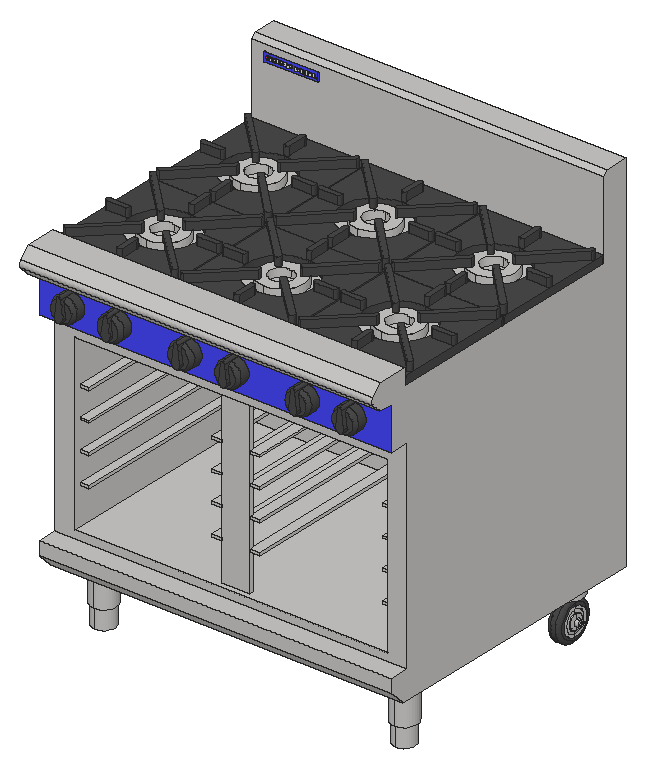
Revit family "QF_MOFFAT_BLUESEAL_CE_G516D-CB", category Specialty Equipment, Revit 2012
Parameters
  Width = 900 mm
  Weight in Pounds = 396  # constant formula
  URL Cutsheet = "www.moffat.com"
  URL = "www.moffat.com"
  Type Mark [instance] = ""
  Status [instance] = ""
  Specification by User [instance] = ""
  Specification by Manufacturer = ""
  Show Logo [instance] = yes
  Show Casters [instance] = yes
  Serial Number = ""
  Seismic Rating = ""
  SMACNA No = ""
  Revision Code [instance] = ""
  Omniclass Number and Title = ""
  NAFEM Spec ID Number = ""
  Model = "G516D-CB"
  Mechanical Remarks = ""
  Mechanical Connection Type = ""
  Masterspec = ""
  Manufacturer = "MOFFAT BLUESEAL"
  Legs [instance] = not(Show Casters)  # no
  Item Number [instance] = ""
  Installed By [instance] = ""
  Identify Quantity as Lot [instance] = yes
  Gas Size = 3/4"
  Gas RI Height = 0 mm
  Gas KW = 42
  Gas Input = 144500.0 Btu/h
  Gas Connection Height = 0 mm
  Furnished By [instance] = ""
  Foodservice Equipment Identifier [instance] = yes
  Description = "900MM GAS COOK TOP ON CABINET BASE"
  Depth = 812 mm
  CSI MasterFormat = ""
  CSI Master Format = ""
  Base Height [instance] = 150 mm
Reference planes
  plane 1 "BACK": y = 0
  plane 2: z = 0
  plane 3 "LEFT": x = 0
  plane 4 "RIGHT": x = 900
  plane 5 "FRONT": y = -812
  plane 6 "TOP": z = 970
  plane 7 "Center Y": x = 450
  plane 8 "Center X": y = -406
  plane 9 "Base Height": z = 150
  plane 10: z = 915
  plane 11: z = 1085
  plane 12: z = 740
  plane 13: x = 834
  plane 14: x = 65
  plane 15: y = -625
  plane 16: y = -100
Forms (mm)
  Extrusion 1, solid, material "QF_Finishes_Stainless Steel"
    sketch origin (0, 0, 0) x (0, 1, 0) y (0, 0, 1)
      loop
        line (0, 150) -> (0, 1085) -> (-57.5, 1085) -> (-70, 1072.5) -> (-70, 875) -> (-705.25, 875) -> (-705.25, 915) -> (-783.97, 915) -> (-808.485, 890.485)
        arc (-808.485, 890.485) -> (-811.999, 882) -> (-808.485, 873.515) r 12
        line (-808.485, 873.515) -> (-784.97, 850) -> (-749, 850) -> (-749, 740) -> (-130.5, 740) -> (-130.5, 222.5) -> (-749, 222.5) -> (-749, 186) -> (-713, 150) -> (0, 150)
    from 0 to 900
  Extrusion 2, void
    sketch origin (705, 3, 100) x (1, 0, 0) y (0, 1, 0)
      loop
        circle (65, -35) r 13.5
    from 640 to 570
  Revolve 3, solid, material "QF_Finishes_Black"
    sketch origin (90, 7, 760) x (0, 1, 0) y (0, 0, -1)
      loop
        line (-789, -69.5) -> (-766, -69.5) -> (-766, -42) -> (-756, -42) -> (-756, -37) -> (-800, -37) -> (-800, -63.651) -> (-789, -69.5)
      axis (-800, -37) -> (-756, -37)
    angle from 0 to 360
  Extrusion 4, solid, material "QF_Finishes_Black"
    sketch origin (228.27, 7, 760.158) x (-1, 0, 0) y (0, 0, -1)
      loop
        line (127.85, -26.037) -> (133.271, -68.955)
        arc (133.271, -68.955) -> (138.27, -73.842) -> (143.268, -68.955) r 5
        line (143.268, -68.955) -> (148.757, -24.87)
        arc (148.757, -24.87) -> (137.685, -14.371) -> (127.85, -26.037) r 10.487
    from 759 to 808
  Revolve 5, solid, material "QF_Finishes_Stainless Steel", visible <- "Legs"
    sketch origin (834, -165, 0) x (0, 1, 0) y (0, 0, -1)
      loop
        line (33.25, -150) -> (65, -150) -> (65, 0) -> (37.5, 0) -> (37.5, -50) -> (33.25, -50) -> (33.25, -150)
      axis (65, -150) -> (65, 0)
    angle from 0 to 360
  Revolve 6, solid, material "QF_Finishes_Stainless Steel"
    sketch origin (834, -728, 0) x (0, 1, 0) y (0, 0, -1)
      loop
        line (71.25, -150) -> (103, -150) -> (103, 0) -> (75.5, 0) -> (75.5, -50) -> (71.25, -50) -> (71.25, -150)
      axis (103, -150) -> (103, 0)
    angle from 0 to 360
  Extrusion 7, solid, material "QF_Finishes_Stainless Steel"
    sketch origin (0, -130.5, 735) x (0, 0, 1) y (-1, 0, 0)
      loop
        line (5, -900) -> (5, 0) -> (-512.5, 0) -> (-512.5, -900) -> (5, -900)
      loop
        line (-50, -850) -> (-50, -50) -> (-492.5, -50) -> (-492.5, -850) -> (-50, -850)
    from 0 to 568.5
  Extrusion 8, void
    sketch origin (0, 0, 150) x (-1, 0, 0) y (0, -1, 0)
      loop
        line (-824.497, 87.26) -> (-824.497, -30.24) -> (-694.997, -30.24) -> (-694.997, 38.76) -> (-743.497, 87.26) -> (-824.497, 87.26)
    from 72.5 to 590
  Extrusion 9, solid, material "QF_Finishes_Stainless Steel"
    sketch origin (0, -130.5, 735) x (0, 0, 1) y (-1, 0, 0)
      loop
        line (-50, -485.5) -> (-50, -414.5) -> (-492.5, -414.5) -> (-492.5, -485.5) -> (-50, -485.5)
    from 543.302 to 553.302
  Extrusion 10, solid, material "QF_Finishes_Stainless Steel"
    sketch origin (0, -130.5, 735) x (0, 0, 1) y (-1, 0, 0)
      loop
        line (-246.25, -414.5) -> (-239.9, -414.5) -> (-239.9, -389.5) -> (-246.25, -389.5) -> (-246.25, -414.5)
      loop
        line (-321.25, -414.5) -> (-314.9, -414.5) -> (-314.9, -389.5) -> (-321.25, -389.5) -> (-321.25, -414.5)
      loop
        line (-321.25, -50) -> (-321.25, -75) -> (-314.9, -75) -> (-314.9, -50) -> (-321.25, -50)
      loop
        line (-239.9, -75) -> (-239.9, -50) -> (-246.25, -50) -> (-246.25, -75) -> (-239.9, -75)
      loop
        line (-396.25, -414.5) -> (-389.9, -414.5) -> (-389.9, -389.5) -> (-396.25, -389.5) -> (-396.25, -414.5)
      loop
        line (-396.25, -50) -> (-396.25, -75) -> (-389.9, -75) -> (-389.9, -50) -> (-396.25, -50)
      loop
        line (-171.25, -414.5) -> (-164.9, -414.5) -> (-164.9, -389.5) -> (-171.25, -389.5) -> (-171.25, -414.5)
      loop
        line (-164.9, -75) -> (-164.9, -50) -> (-171.25, -50) -> (-171.25, -75) -> (-164.9, -75)
      loop
        line (-246.25, -485.5) -> (-246.25, -510.5) -> (-239.9, -510.5) -> (-239.9, -485.5) -> (-246.25, -485.5)
      loop
        line (-321.25, -485.5) -> (-321.25, -510.5) -> (-314.9, -510.5) -> (-314.9, -485.5) -> (-321.25, -485.5)
      loop
        line (-321.25, -850) -> (-314.9, -850) -> (-314.9, -825) -> (-321.25, -825) -> (-321.25, -850)
      loop
        line (-239.9, -825) -> (-246.25, -825) -> (-246.25, -850) -> (-239.9, -850) -> (-239.9, -825)
      loop
        line (-396.25, -485.5) -> (-396.25, -510.5) -> (-389.9, -510.5) -> (-389.9, -485.5) -> (-396.25, -485.5)
      loop
        line (-396.25, -850) -> (-389.9, -850) -> (-389.9, -825) -> (-396.25, -825) -> (-396.25, -850)
      loop
        line (-171.25, -485.5) -> (-171.25, -510.5) -> (-164.9, -510.5) -> (-164.9, -485.5) -> (-171.25, -485.5)
      loop
        line (-164.9, -825) -> (-171.25, -825) -> (-171.25, -850) -> (-164.9, -850) -> (-164.9, -825)
    from 0 to 553.302
  Extrusion 11, solid, material "QF_Finishes_Stainless Steel"
    sketch origin (705, -4.5, 740) x (0, 1, 0) y (1, 0, 0)
      loop
        circle (-27.5, 65) r 6.35
    from 0 to 1.6
  Revolve 12, solid, material "QF_Finishes_Stainless Steel", visible <- "Show Casters"
    sketch origin (784.648, -99.755, -13.653) x (1, 0, 0) y (0, 0, 1)
      loop
        line (14.841, 63.604) -> (83.584, 63.604) -> (83.584, 67.109) -> (82.314, 68.379) -> (80.79, 68.379) -> (80.79, 71.826) -> (68.644, 71.826) -> (68.644, 81.79) -> (65.088, 83.843) -> (63.738, 92.179) -> (65.881, 92.179) -> (65.881, 98.529) -> (65.088, 98.529) -> (65.088, 104.879)
        arc (65.088, 104.879) -> (62.298, 111.614) -> (55.563, 114.404) r 9.525
        line (55.563, 114.404) -> (42.863, 114.404)
        arc (42.863, 114.404) -> (36.127, 111.614) -> (33.338, 104.879) r 9.525
        line (33.338, 104.879) -> (33.338, 98.529) -> (32.544, 98.529) -> (32.544, 92.179) -> (34.687, 92.179) -> (33.352, 83.932) -> (29.782, 81.871) -> (29.782, 71.826) -> (17.635, 71.826) -> (17.635, 68.379) -> (16.111, 68.379) -> (14.841, 67.109) -> (14.841, 63.604)
      axis (14.841, 63.604) -> (83.584, 63.604)
    angle from 0 to 360
  Revolve 13, solid, material "QF_Finishes_Stainless Steel", visible <- "Show Casters"
    sketch origin (833.871, -203, 0) x (0, 1, 0) y (0, 0, 1)
      loop
        line (68.25, 150) -> (68.25, 110) -> (104, 110) -> (104, 150) -> (68.25, 150)
      axis (104, 150) -> (104, 110)
    angle from 0 to 360
  Revolve 14, solid, material "QF_Finishes_Stainless Steel", visible <- "Legs"
    sketch origin (65, -165, 0) x (0, 1, 0) y (0, 0, -1)
      loop
        line (33.25, -150) -> (65, -150) -> (65, 0) -> (37.5, 0) -> (37.5, -50) -> (33.25, -50) -> (33.25, -150)
      axis (65, -150) -> (65, 0)
    angle from 0 to 360
  Revolve 15, solid, material "QF_Finishes_Stainless Steel"
    sketch origin (65, -728, 0) x (0, 1, 0) y (0, 0, -1)
      loop
        line (71.25, -150) -> (103, -150) -> (103, 0) -> (75.5, 0) -> (75.5, -50) -> (71.25, -50) -> (71.25, -150)
      axis (103, -150) -> (103, 0)
    angle from 0 to 360
  Revolve 16, solid, material "QF_Finishes_Stainless Steel", visible <- "Show Casters"
    sketch origin (15.648, -99.755, -13.653) x (1, 0, 0) y (0, 0, 1)
      loop
        line (14.841, 63.604) -> (83.584, 63.604) -> (83.584, 67.109) -> (82.314, 68.379) -> (80.79, 68.379) -> (80.79, 71.826) -> (68.644, 71.826) -> (68.644, 81.79) -> (65.088, 83.843) -> (63.738, 92.179) -> (65.881, 92.179) -> (65.881, 98.529) -> (65.088, 98.529) -> (65.088, 104.879)
        arc (65.088, 104.879) -> (62.298, 111.614) -> (55.563, 114.404) r 9.525
        line (55.563, 114.404) -> (42.863, 114.404)
        arc (42.863, 114.404) -> (36.127, 111.614) -> (33.338, 104.879) r 9.525
        line (33.338, 104.879) -> (33.338, 98.529) -> (32.544, 98.529) -> (32.544, 92.179) -> (34.687, 92.179) -> (33.352, 83.932) -> (29.782, 81.871) -> (29.782, 71.826) -> (17.635, 71.826) -> (17.635, 68.379) -> (16.111, 68.379) -> (14.841, 67.109) -> (14.841, 63.604)
      axis (14.841, 63.604) -> (83.584, 63.604)
    angle from 0 to 360
  Revolve 17, solid, material "QF_Finishes_Stainless Steel", visible <- "Show Casters"
    sketch origin (64.871, -203, 0) x (0, 1, 0) y (0, 0, 1)
      loop
        line (68.25, 150) -> (68.25, 110) -> (104, 110) -> (104, 150) -> (68.25, 150)
      axis (104, 150) -> (104, 110)
    angle from 0 to 360
  Revolve 18, solid, material "QF_Finishes_Black"
    sketch origin (390, 7, 760) x (0, 1, 0) y (0, 0, -1)
      loop
        line (-789, -69.5) -> (-766, -69.5) -> (-766, -42) -> (-756, -42) -> (-756, -37) -> (-800, -37) -> (-800, -63.651) -> (-789, -69.5)
      axis (-800, -37) -> (-756, -37)
    angle from 0 to 360
  Extrusion 19, solid, material "QF_Finishes_Black"
    sketch origin (528.27, 7, 760.158) x (-1, 0, 0) y (0, 0, -1)
      loop
        line (127.85, -26.037) -> (133.271, -68.955)
        arc (133.271, -68.955) -> (138.27, -73.842) -> (143.268, -68.955) r 5
        line (143.268, -68.955) -> (148.757, -24.87)
        arc (148.757, -24.87) -> (137.685, -14.371) -> (127.85, -26.037) r 10.487
    from 759 to 808
  Revolve 20, solid, material "QF_Finishes_Black"
    sketch origin (690, 7, 760) x (0, 1, 0) y (0, 0, -1)
      loop
        line (-789, -69.5) -> (-766, -69.5) -> (-766, -42) -> (-756, -42) -> (-756, -37) -> (-800, -37) -> (-800, -63.651) -> (-789, -69.5)
      axis (-800, -37) -> (-756, -37)
    angle from 0 to 360
  Extrusion 21, solid, material "QF_Finishes_Black"
    sketch origin (828.27, 7, 760.158) x (-1, 0, 0) y (0, 0, -1)
      loop
        line (127.85, -26.037) -> (133.271, -68.955)
        arc (133.271, -68.955) -> (138.27, -73.842) -> (143.268, -68.955) r 5
        line (143.268, -68.955) -> (148.757, -24.87)
        arc (148.757, -24.87) -> (137.685, -14.371) -> (127.85, -26.037) r 10.487
    from 759 to 808
  Revolve 22, solid, material "QF_Finishes_Black"
    sketch origin (210, 7, 760) x (0, 1, 0) y (0, 0, -1)
      loop
        line (-789, -69.5) -> (-766, -69.5) -> (-766, -42) -> (-756, -42) -> (-756, -37) -> (-800, -37) -> (-800, -63.651) -> (-789, -69.5)
      axis (-800, -37) -> (-756, -37)
    angle from 0 to 360
  Extrusion 23, solid, material "QF_Finishes_Black"
    sketch origin (348.27, 7, 760.158) x (-1, 0, 0) y (0, 0, -1)
      loop
        line (127.85, -26.037) -> (133.271, -68.955)
        arc (133.271, -68.955) -> (138.27, -73.842) -> (143.268, -68.955) r 5
        line (143.268, -68.955) -> (148.757, -24.87)
        arc (148.757, -24.87) -> (137.685, -14.371) -> (127.85, -26.037) r 10.487
    from 759 to 808
  Revolve 24, solid, material "QF_Finishes_Black"
    sketch origin (510, 7, 760) x (0, 1, 0) y (0, 0, -1)
      loop
        line (-789, -69.5) -> (-766, -69.5) -> (-766, -42) -> (-756, -42) -> (-756, -37) -> (-800, -37) -> (-800, -63.651) -> (-789, -69.5)
      axis (-800, -37) -> (-756, -37)
    angle from 0 to 360
  Extrusion 25, solid, material "QF_Finishes_Black"
    sketch origin (648.27, 7, 760.158) x (-1, 0, 0) y (0, 0, -1)
      loop
        line (127.85, -26.037) -> (133.271, -68.955)
        arc (133.271, -68.955) -> (138.27, -73.842) -> (143.268, -68.955) r 5
        line (143.268, -68.955) -> (148.757, -24.87)
        arc (148.757, -24.87) -> (137.685, -14.371) -> (127.85, -26.037) r 10.487
    from 759 to 808
  Revolve 26, solid, material "QF_Finishes_Black"
    sketch origin (810, 7, 760) x (0, 1, 0) y (0, 0, -1)
      loop
        line (-789, -69.5) -> (-766, -69.5) -> (-766, -42) -> (-756, -42) -> (-756, -37) -> (-800, -37) -> (-800, -63.651) -> (-789, -69.5)
      axis (-800, -37) -> (-756, -37)
    angle from 0 to 360
  Extrusion 27, solid, material "QF_Finishes_Black"
    sketch origin (948.27, 7, 760.158) x (-1, 0, 0) y (0, 0, -1)
      loop
        line (127.85, -26.037) -> (133.271, -68.955)
        arc (133.271, -68.955) -> (138.27, -73.842) -> (143.268, -68.955) r 5
        line (143.268, -68.955) -> (148.757, -24.87)
        arc (148.757, -24.87) -> (137.685, -14.371) -> (127.85, -26.037) r 10.487
    from 759 to 808
Cuts and joins
  Extrusion 2, Extrusion 8 cuts Extrusion 1
  joined: Extrusion 1, Extrusion 7
Lines and regions (mm)
  Split face 1
    outline origin (900, 0, 1085) x (-1, 0, 0) y (0, -1, 0)
      loop
        arc (856, 18.385) -> (864.66, 23.385) -> (864.66, 33.385) r 10
        line (864.66, 33.385) -> (860.619, 40.385)
        arc (860.619, 40.385) -> (856.959, 44.045) -> (851.959, 45.385) r 10
        line (851.959, 45.385) -> (624, 45.385)
        arc (624, 45.385) -> (615.34, 40.385) -> (615.34, 30.385) r 10
        line (615.34, 30.385) -> (619.381, 23.385)
        arc (619.381, 23.385) -> (623.041, 19.725) -> (628.041, 18.385) r 10
        line (628.041, 18.385) -> (856, 18.385)
  Split face 2
    outline origin (900, 0, 1085) x (-1, 0, 0) y (0, -1, 0)
      loop
        arc (44, 45.385) -> (35.34, 40.385) -> (35.34, 30.385) r 10
        line (35.34, 30.385) -> (39.381, 23.385)
        arc (39.381, 23.385) -> (43.041, 19.725) -> (48.041, 18.385) r 10
        line (48.041, 18.385) -> (276, 18.385)
        arc (276, 18.385) -> (284.66, 23.385) -> (284.66, 33.385) r 10
        line (284.66, 33.385) -> (280.619, 40.385)
        arc (280.619, 40.385) -> (276.959, 44.045) -> (271.959, 45.385) r 10
        line (271.959, 45.385) -> (44, 45.385)
  Split face 3
    outline origin (900, 0, 1085) x (-1, 0, 0) y (0, -1, 0)
      loop
        arc (566, 18.385) -> (574.66, 23.385) -> (574.66, 33.385) r 10
        line (574.66, 33.385) -> (570.619, 40.385)
        arc (570.619, 40.385) -> (566.959, 44.045) -> (561.959, 45.385) r 10
        line (561.959, 45.385) -> (334, 45.385)
        arc (334, 45.385) -> (325.34, 40.385) -> (325.34, 30.385) r 10
        line (325.34, 30.385) -> (329.381, 23.385)
        arc (329.381, 23.385) -> (333.041, 19.725) -> (338.041, 18.385) r 10
        line (338.041, 18.385) -> (566, 18.385)
  symbolic lines, style "SpecialityEquipmentHiddenLines", visible <- "Show Casters"
    curve 1: line (78.456, -46.735, 0) -> (105.952, -62.61, 0)
    curve 2: line (27.656, -134.723, 0) -> (78.456, -46.735, 0)
    curve 3: line (55.152, -150.598, 0) -> (27.656, -134.723, 0)
    curve 4: line (105.952, -62.61, 0) -> (55.152, -150.598, 0)
    curve 5: line (847.456, -46.735, 0) -> (874.952, -62.61, 0)
    curve 6: line (796.656, -134.723, 0) -> (847.456, -46.735, 0)
    curve 7: line (824.152, -150.598, 0) -> (796.656, -134.723, 0)
    curve 8: line (874.952, -62.61, 0) -> (824.152, -150.598, 0)
  symbolic lines
    curve 9: line (0, -783.97, 0) -> (900, -783.97, 0)
    curve 10: line (0, -811.999, 0) -> (900, -811.999, 0)
    curve 11: line (0, 0, 0) -> (0, -811.999, 0)
    curve 12: line (900, 0, 0) -> (0, 0, 0)
    curve 13: line (900, -811.999, 0) -> (900, 0, 0)
    curve 14: line (624, -18.385, 0) -> (851.959, -18.385, 0)
    curve 15: arc (851.959, -18.385, 0) -> (856.959, -19.725, 0) -> (860.619, -23.385, 0) r 10
    curve 16: line (860.619, -23.385, 0) -> (864.66, -30.385, 0)
    curve 17: arc (864.66, -30.385, 0) -> (864.66, -40.385, 0) -> (856, -45.385, 0) r 10
    curve 18: line (856, -45.385, 0) -> (628.041, -45.385, 0)
    curve 19: arc (628.041, -45.385, 0) -> (623.041, -44.045, 0) -> (619.381, -40.385, 0) r 10
    curve 20: line (619.381, -40.385, 0) -> (615.34, -33.385, 0)
    curve 21: arc (615.34, -33.385, 0) -> (615.34, -23.385, 0) -> (624, -18.385, 0) r 10
    curve 22: line (561.959, -18.385, 0) -> (334, -18.385, 0)
    curve 23: arc (334, -18.385, 0) -> (325.34, -23.385, 0) -> (325.34, -33.385, 0) r 10
    curve 24: line (325.34, -33.385, 0) -> (329.381, -40.385, 0)
    curve 25: arc (329.381, -40.385, 0) -> (333.041, -44.045, 0) -> (338.041, -45.385, 0) r 10
    curve 26: line (338.041, -45.385, 0) -> (566, -45.385, 0)
    curve 27: arc (566, -45.385, 0) -> (574.66, -40.385, 0) -> (574.66, -30.385, 0) r 10
    curve 28: line (574.66, -30.385, 0) -> (570.619, -23.385, 0)
    curve 29: arc (570.619, -23.385, 0) -> (566.959, -19.725, 0) -> (561.959, -18.385, 0) r 10
    curve 30: line (44, -18.385, 0) -> (271.959, -18.385, 0)
    curve 31: arc (271.959, -18.385, 0) -> (276.959, -19.725, 0) -> (280.619, -23.385, 0) r 10
    curve 32: line (280.619, -23.385, 0) -> (284.66, -30.385, 0)
    curve 33: arc (284.66, -30.385, 0) -> (284.66, -40.385, 0) -> (276, -45.385, 0) r 10
    curve 34: line (276, -45.385, 0) -> (48.041, -45.385, 0)
    curve 35: arc (48.041, -45.385, 0) -> (43.041, -44.045, 0) -> (39.381, -40.385, 0) r 10
    curve 36: line (39.381, -40.385, 0) -> (35.34, -33.385, 0)
    curve 37: arc (35.34, -33.385, 0) -> (35.34, -23.385, 0) -> (44, -18.385, 0) r 10
    curve 38: line (0, -705.25, 0) -> (900, -705.25, 0)
    curve 39: line (0, -57.5, 0) -> (900, -57.5, 0)
    curve 40: line (0, -70, 0) -> (900, -70, 0)
Dimensions and locks
  equal spacing: plane 3 "LEFT", plane 7 "Center Y", plane 4 "RIGHT"
  "Width": plane 3 "LEFT" to plane 4 "RIGHT"
  equal spacing: plane 5 "FRONT", plane 8 "Center X", plane 1 "BACK"
  "Depth": plane 5 "FRONT" to plane 1 "BACK"
  "Base Height": plane 9 "Base Height" to level
  plane 10 to level = 915 mm
  cut or joined group of Extrusion 1, Extrusion 2, Extrusion 7, Extrusion 8 to level = 740 mm
  plane 11 to plane 2 = 1085 mm
  plane 2 to plane 12 = 740 mm
  plane 13 to plane 14 = 769 mm
  plane 16 to plane 15 = 525 mm
  plane 1 "BACK" to plane 16 = 100 mm
  Revolve 12 sketch curve to Revolve 12 sketch curve = 50.8 mm
  Extrusion 11 sketch curve to plane 4 "RIGHT" = 130 mm
  Revolve 16 sketch curve to Revolve 16 sketch curve = 50.8 mm
  Extrusion 11 sketch curve to plane 1 "BACK" = 32 mm
  aligned and locked: level to plane 2
Automatic sketch dimensions
  plane 1 "BACK" to curve 12 = 0 mm
  curve 12 to plane 3 "LEFT" = 0 mm
  curve 10 to plane 4 "RIGHT" = 0 mm
  plane 3 "LEFT" to curve 2 = 27.656 mm
  curve 36 to plane 14 = 29.66 mm
  curve 37 to curve 35 = 4.041 mm  (x2)
  curve 37 to curve 37 = 8.66 mm
  curve 4 to plane 14 = 9.848 mm
  plane 14 to curve 1 = 13.456 mm
  plane 1 "BACK" to curve 30 = 18.385 mm
  curve 1 to curve 30 = 166.007 mm
  curve 31 to curve 34 = 4.041 mm
  curve 30 to curve 31 = 8.66 mm
  plane 1 "BACK" to curve 32 = 30.385 mm
  curve 31 to curve 32 = 4.041 mm
  plane 1 "BACK" to curve 24 = 33.385 mm
  curve 32 to curve 24 = 40.679 mm
  curve 24 to curve 25 = 4.041 mm
  curve 23 to curve 22 = 8.66 mm
  curve 25 to curve 25 = 8.66 mm
  plane 1 "BACK" to curve 29 = 28.385 mm
  plane 7 "Center Y" to curve 29 = 111.959 mm
  curve 29 to curve 27 = 4.041 mm
  curve 22 to curve 29 = 8.66 mm
  plane 1 "BACK" to curve 28 = 30.385 mm
  curve 29 to curve 28 = 4.041 mm
  plane 1 "BACK" to curve 20 = 33.385 mm
  curve 28 to curve 20 = 40.679 mm
  plane 1 "BACK" to curve 20 = 40.385 mm
  curve 20 to curve 20 = 4.041 mm
  curve 20 to curve 21 = 8.66 mm
  curve 21 to curve 19 = 4.041 mm
  curve 6 to plane 13 = 37.344 mm
  curve 8 to plane 13 = 9.848 mm
  plane 13 to curve 6 = 13.456 mm
  plane 13 to curve 15 = 17.959 mm
  curve 15 to curve 17 = 4.041 mm
  curve 14 to curve 16 = 8.66 mm
  curve 16 to curve 16 = 4.041 mm
  curve 35 to curve 30 = 27 mm
  curve 19 to curve 19 = 5 mm
  curve 25 to curve 23 = 12 mm
  curve 1 to curve 35 = 1.35 mm
  curve 5 to curve 17 = 1.35 mm
  curve 39 to plane 16 = 42.5 mm
  curve 8 to curve 39 = 5.11 mm
  curve 1 to curve 1 = 15.875 mm
  curve 40 to curve 39 = 12.5 mm
  plane 15 to curve 38 = 80.25 mm
  curve 9 to plane 5 "FRONT" = 28.03 mm
  curve 10 to plane 5 "FRONT" = 0.001 mm
  curve 25 to curve 24 = 7 mm
  curve 34 to curve 35 = 5 mm
  curve 18 to curve 17 = 10 mm
  curve 35 to curve 37 = 7 mm
  curve 25 to curve 23 = 7 mm
  curve 19 to curve 21 = 7 mm
  curve 33 to curve 31 = 7 mm
  curve 17 to curve 15 = 7 mm
  Extrusion 1 sketch curve to plane 10 = 0 mm
  plane 12 to Extrusion 1 sketch curve = 0 mm
  Extrusion 1 sketch curve to plane 9 "Base Height" = 0 mm
  Extrusion 1 sketch curve to plane 11 = 0 mm
  Extrusion 1 sketch curve to plane 1 "BACK" = 0 mm
  Extrusion 1 sketch curve to plane 16 = 42.5 mm
  Extrusion 1 sketch curve to plane 16 = 30 mm
  plane 16 to Extrusion 1 sketch curve = 30.5 mm
  plane 15 to Extrusion 1 sketch curve = 80.25 mm
  plane 15 to Extrusion 1 sketch curve = 88 mm
  Extrusion 1 sketch curve to plane 5 "FRONT" = 63 mm  (x2)
  Extrusion 1 sketch curve to plane 5 "FRONT" = 28.03 mm
  Extrusion 1 sketch curve to plane 5 "FRONT" = 27.03 mm
  Extrusion 1 sketch curve to plane 5 "FRONT" = 12.001 mm
  Extrusion 1 sketch curve to plane 5 "FRONT" = 3.515 mm  (x2)
  plane 9 "Base Height" to Extrusion 1 sketch curve = 36 mm
  Extrusion 1 sketch curve to Extrusion 1 sketch curve = 36.5 mm
  Extrusion 1 sketch curve to plane 10 = 65 mm
  Extrusion 1 sketch curve to Extrusion 1 sketch curve = 23.515 mm
  Extrusion 1 sketch curve to plane 10 = 40 mm
  Extrusion 1 sketch curve to Extrusion 1 sketch curve = 8.485 mm
  Extrusion 1 sketch curve to plane 11 = 12.5 mm
  plane 1 "BACK" to Extrusion 2 sketch curve = 32 mm
  Extrusion 2 sketch curve to plane 13 = 64 mm
  Revolve 3 sketch curve to plane 5 "FRONT" = 19 mm
  Revolve 3 sketch curve to Revolve 3 sketch curve = 0 mm  (x2)
  Revolve 3 sketch curve to Revolve 3 sketch curve = 11 mm
  Revolve 3 sketch curve to Revolve 3 sketch curve = 12.7 mm
  Revolve 3 sketch curve to Revolve 3 sketch curve = 23 mm
  Revolve 3 sketch curve to Revolve 3 sketch curve = 10 mm
  Revolve 3 sketch curve to plane 10 = 85.5 mm
  Revolve 3 sketch curve to Revolve 3 sketch curve = 5.849 mm
  Revolve 3 sketch curve to Revolve 3 sketch curve = 27.5 mm
  Revolve 3 sketch curve to Revolve 3 sketch curve = 5 mm
  plane 14 to Extrusion 4 sketch curve = 35.419 mm
  plane 14 to Extrusion 4 sketch curve = 29.999 mm
  Extrusion 4 sketch curve to Extrusion 4 sketch curve = 10.419 mm
  Extrusion 4 sketch curve to Extrusion 4 sketch curve = 4.999 mm  (x2)
  Extrusion 4 sketch curve to Extrusion 4 sketch curve = 10.487 mm
  Extrusion 4 sketch curve to plane 10 = 85.887 mm
  Extrusion 4 sketch curve to Extrusion 4 sketch curve = 0.113 mm
  Extrusion 4 sketch curve to Extrusion 4 sketch curve = 42.919 mm
  Extrusion 4 sketch curve to Extrusion 4 sketch curve = 1.167 mm
  Revolve 5 sketch curve to plane 9 "Base Height" = 0 mm
  Revolve 5 sketch curve to level = 0 mm
  Revolve 5 sketch curve to plane 16 = 0 mm  (x2)
  plane 16 to Revolve 5 sketch curve = 27.5 mm
  plane 16 to Revolve 5 sketch curve = 31.75 mm
  level to Revolve 5 sketch curve = 50 mm
  Revolve 5 sketch curve to Revolve 5 sketch curve = 0 mm
  Revolve 5 sketch curve to Revolve 5 sketch curve = 55 mm
  Revolve 6 sketch curve to plane 9 "Base Height" = 0 mm
  Revolve 6 sketch curve to level = 0 mm
  Revolve 6 sketch curve to plane 15 = 0 mm  (x2)
  plane 15 to Revolve 6 sketch curve = 27.5 mm
  plane 15 to Revolve 6 sketch curve = 31.75 mm
  level to Revolve 6 sketch curve = 50 mm
  Revolve 6 sketch curve to Revolve 6 sketch curve = 0 mm
  Revolve 6 sketch curve to Revolve 6 sketch curve = 55 mm
  Extrusion 1 to Extrusion 7 sketch curve = 0 mm
  Extrusion 7 sketch curve to Extrusion 1 = 0 mm  (x3)
  Extrusion 1 to Extrusion 7 sketch curve = 20 mm
  Extrusion 7 sketch curve to Extrusion 1 = 55 mm
  Extrusion 1 to Extrusion 7 sketch curve = 50 mm  (x2)
  Extrusion 8 sketch curve to plane 13 = 9.503 mm
  Extrusion 8 sketch curve to plane 16 = 12.74 mm
  Extrusion 8 sketch curve to Extrusion 8 sketch curve = 81 mm
  Extrusion 8 sketch curve to Extrusion 8 sketch curve = 48.5 mm
  plane 1 "BACK" to Extrusion 8 sketch curve = 38.76 mm
  Extrusion 8 sketch curve to plane 1 "BACK" = 30.24 mm
  Extrusion 1 to Extrusion 9 sketch curve = 20 mm
  Extrusion 9 sketch curve to Extrusion 1 = 55 mm
  Extrusion 1 to Extrusion 9 sketch curve = 414.5 mm
  Extrusion 9 sketch curve to Extrusion 9 sketch curve = 71 mm
  Extrusion 1 to Extrusion 10 sketch curve = 116.25 mm  (x3)
  Extrusion 10 sketch curve to Extrusion 10 sketch curve = 0 mm  (x6)
  Extrusion 1 to Extrusion 10 sketch curve = 50 mm  (x4)
  Extrusion 10 sketch curve to Extrusion 10 sketch curve = 6.35 mm  (x16)
  Extrusion 10 sketch curve to Extrusion 10 sketch curve = 68.65 mm  (x12)
  Extrusion 10 sketch curve to Extrusion 10 sketch curve = 25 mm  (x16)
  Extrusion 10 sketch curve to Extrusion 10 sketch curve = 314.5 mm
  Extrusion 10 sketch curve to Extrusion 10 sketch curve = 71 mm  (x4)
  Extrusion 1 to Extrusion 10 sketch curve = 75 mm  (x2)
  Split face 1 sketch curve to cut or joined group of Extrusion 1, Extrusion 2, Extrusion 7, Extrusion 8 = 27.115 mm
  Split face 1 sketch curve to cut or joined group of Extrusion 1, Extrusion 2, Extrusion 7, Extrusion 8 = 284.66 mm
  Split face 1 sketch curve to Split face 1 sketch curve = 4.041 mm  (x4)
  Split face 1 sketch curve to Split face 1 sketch curve = 8.66 mm  (x2)
  Split face 1 sketch curve to cut or joined group of Extrusion 1, Extrusion 2, Extrusion 7, Extrusion 8 = 12.115 mm
  Split face 1 sketch curve to cut or joined group of Extrusion 1, Extrusion 2, Extrusion 7, Extrusion 8 = 48.041 mm
  Split face 1 sketch curve to Split face 1 sketch curve = 7 mm  (x3)
  Split face 1 sketch curve to Split face 1 sketch curve = 17 mm
  Split face 2 sketch curve to cut or joined group of Extrusion 1, Extrusion 2, Extrusion 7, Extrusion 8 = 35.34 mm
  Split face 2 sketch curve to Split face 2 sketch curve = 4.041 mm  (x4)
  Split face 2 sketch curve to Split face 2 sketch curve = 8.66 mm  (x2)
  Split face 2 sketch curve to cut or joined group of Extrusion 1, Extrusion 2, Extrusion 7, Extrusion 8 = 22.115 mm
  Split face 2 sketch curve to Split face 2 sketch curve = 223.917 mm
  Split face 2 sketch curve to cut or joined group of Extrusion 1, Extrusion 2, Extrusion 7, Extrusion 8 = 17.115 mm
  Split face 2 sketch curve to Split face 2 sketch curve = 10 mm
  Split face 2 sketch curve to Split face 2 sketch curve = 7 mm  (x3)
  Split face 3 sketch curve to cut or joined group of Extrusion 1, Extrusion 2, Extrusion 7, Extrusion 8 = 27.115 mm
  Split face 3 sketch curve to cut or joined group of Extrusion 1, Extrusion 2, Extrusion 7, Extrusion 8 = 325.34 mm
  Split face 3 sketch curve to Split face 3 sketch curve = 4.041 mm  (x4)
  Split face 3 sketch curve to Split face 3 sketch curve = 8.66 mm  (x2)
  Split face 3 sketch curve to cut or joined group of Extrusion 1, Extrusion 2, Extrusion 7, Extrusion 8 = 12.115 mm
  Split face 3 sketch curve to Split face 3 sketch curve = 223.917 mm
  Split face 3 sketch curve to Split face 3 sketch curve = 7 mm  (x3)
  Split face 3 sketch curve to Split face 3 sketch curve = 17 mm
  Revolve 12 sketch curve to plane 13 = 34.511 mm
  Revolve 12 sketch curve to Revolve 12 sketch curve = 1.27 mm  (x4)
  Revolve 12 sketch curve to Revolve 12 sketch curve = 1.524 mm  (x2)
  Revolve 12 sketch curve to Revolve 12 sketch curve = 12.146 mm  (x2)
  Revolve 12 sketch curve to plane 13 = 16.809 mm
  Revolve 12 sketch curve to Revolve 12 sketch curve = 0.794 mm  (x2)
  Revolve 12 sketch curve to Revolve 12 sketch curve = 3.57 mm
  Revolve 12 sketch curve to Revolve 12 sketch curve = 2.143 mm
  Revolve 12 sketch curve to plane 13 = 6.49 mm
  plane 13 to Revolve 12 sketch curve = 5.001 mm
  plane 13 to Revolve 12 sketch curve = 6.21 mm
  plane 13 to Revolve 12 sketch curve = 14.386 mm
  Revolve 12 sketch curve to Revolve 12 sketch curve = 1.349 mm  (x2)
  Revolve 12 sketch curve to Revolve 12 sketch curve = 3.556 mm
  Revolve 12 sketch curve to plane 4 "RIGHT" = 1.551 mm
  level to Revolve 12 sketch curve = 49.952 mm
  Revolve 12 sketch curve to Revolve 12 sketch curve = 0 mm
  Revolve 12 sketch curve to Revolve 12 sketch curve = 3.505 mm  (x2)
  Revolve 12 sketch curve to Revolve 12 sketch curve = 3.447 mm  (x2)
  Revolve 12 sketch curve to Revolve 12 sketch curve = 9.964 mm
  Revolve 12 sketch curve to Revolve 12 sketch curve = 10.045 mm
  Revolve 12 sketch curve to Revolve 12 sketch curve = 2.053 mm
  Revolve 12 sketch curve to Revolve 12 sketch curve = 2.061 mm
  Revolve 12 sketch curve to Revolve 12 sketch curve = 8.247 mm
  Revolve 12 sketch curve to Revolve 12 sketch curve = 8.336 mm
  Revolve 12 sketch curve to Revolve 12 sketch curve = 6.35 mm  (x2)
  Revolve 13 sketch curve to plane 9 "Base Height" = 0 mm
  plane 16 to Revolve 13 sketch curve = 34.75 mm
  Revolve 13 sketch curve to plane 16 = 1 mm  (x2)
  Revolve 13 sketch curve to plane 9 "Base Height" = 40 mm
  level to Revolve 13 sketch curve = 50 mm
  Revolve 13 sketch curve to level = 55 mm
  Revolve 14 sketch curve to plane 9 "Base Height" = 0 mm
  Revolve 14 sketch curve to level = 0 mm
  Revolve 14 sketch curve to plane 16 = 0 mm  (x2)
  plane 16 to Revolve 14 sketch curve = 27.5 mm
  plane 16 to Revolve 14 sketch curve = 31.75 mm
  level to Revolve 14 sketch curve = 50 mm
  Revolve 14 sketch curve to Revolve 14 sketch curve = 0 mm
  Revolve 14 sketch curve to Revolve 14 sketch curve = 55 mm
  Revolve 15 sketch curve to plane 9 "Base Height" = 0 mm
  Revolve 15 sketch curve to level = 0 mm
  Revolve 15 sketch curve to plane 15 = 0 mm  (x2)
  plane 15 to Revolve 15 sketch curve = 27.5 mm
  plane 15 to Revolve 15 sketch curve = 31.75 mm
  level to Revolve 15 sketch curve = 50 mm
  Revolve 15 sketch curve to Revolve 15 sketch curve = 0 mm
  Revolve 15 sketch curve to Revolve 15 sketch curve = 55 mm
  plane 3 "LEFT" to Revolve 16 sketch curve = 30.489 mm
  Revolve 16 sketch curve to Revolve 16 sketch curve = 1.27 mm  (x4)
  Revolve 16 sketch curve to Revolve 16 sketch curve = 1.524 mm  (x2)
  Revolve 16 sketch curve to Revolve 16 sketch curve = 12.146 mm  (x2)
  Revolve 16 sketch curve to plane 14 = 16.809 mm
  Revolve 16 sketch curve to Revolve 16 sketch curve = 0.794 mm  (x2)
  Revolve 16 sketch curve to Revolve 16 sketch curve = 3.57 mm
  Revolve 16 sketch curve to Revolve 16 sketch curve = 2.143 mm
  Revolve 16 sketch curve to plane 14 = 6.49 mm
  plane 14 to Revolve 16 sketch curve = 5.001 mm
  plane 14 to Revolve 16 sketch curve = 6.21 mm
  plane 14 to Revolve 16 sketch curve = 14.386 mm
  Revolve 16 sketch curve to Revolve 16 sketch curve = 1.349 mm  (x2)
  Revolve 16 sketch curve to Revolve 16 sketch curve = 3.556 mm
  Revolve 16 sketch curve to Revolve 16 sketch curve = 33.32 mm
  level to Revolve 16 sketch curve = 49.952 mm
  Revolve 16 sketch curve to Revolve 16 sketch curve = 0 mm
  Revolve 16 sketch curve to Revolve 16 sketch curve = 3.505 mm  (x2)
  Revolve 16 sketch curve to Revolve 16 sketch curve = 3.447 mm  (x2)
  Revolve 16 sketch curve to Revolve 16 sketch curve = 9.964 mm
  Revolve 16 sketch curve to Revolve 16 sketch curve = 10.045 mm
  Revolve 16 sketch curve to Revolve 16 sketch curve = 2.053 mm
  Revolve 16 sketch curve to Revolve 16 sketch curve = 2.061 mm
  Revolve 16 sketch curve to Revolve 16 sketch curve = 8.247 mm
  Revolve 16 sketch curve to Revolve 16 sketch curve = 8.336 mm
  Revolve 16 sketch curve to Revolve 16 sketch curve = 6.35 mm  (x2)
  Revolve 17 sketch curve to plane 9 "Base Height" = 0 mm
  plane 16 to Revolve 17 sketch curve = 34.75 mm
  Revolve 17 sketch curve to plane 16 = 1 mm  (x2)
  Revolve 17 sketch curve to plane 9 "Base Height" = 40 mm
  level to Revolve 17 sketch curve = 50 mm
  Revolve 17 sketch curve to level = 55 mm
  Revolve 18 sketch curve to plane 5 "FRONT" = 19 mm
  Revolve 18 sketch curve to Revolve 18 sketch curve = 0 mm  (x2)
  Revolve 18 sketch curve to Revolve 18 sketch curve = 11 mm
  Revolve 18 sketch curve to Revolve 18 sketch curve = 12.7 mm
  Revolve 18 sketch curve to Revolve 18 sketch curve = 23 mm
  Revolve 18 sketch curve to Revolve 18 sketch curve = 10 mm
  Revolve 18 sketch curve to plane 10 = 85.5 mm
  Revolve 18 sketch curve to Revolve 18 sketch curve = 5.849 mm
  Revolve 18 sketch curve to Revolve 18 sketch curve = 27.5 mm
  Revolve 18 sketch curve to Revolve 18 sketch curve = 5 mm
  Extrusion 19 sketch curve to plane 7 "Center Y" = 49.581 mm
  Extrusion 19 sketch curve to Extrusion 19 sketch curve = 5.421 mm
  Extrusion 19 sketch curve to Extrusion 19 sketch curve = 10.419 mm
  Extrusion 19 sketch curve to Extrusion 19 sketch curve = 4.999 mm  (x2)
  Extrusion 19 sketch curve to Extrusion 19 sketch curve = 10.487 mm
  Extrusion 19 sketch curve to plane 10 = 85.887 mm
  Extrusion 19 sketch curve to Extrusion 19 sketch curve = 0.113 mm
  Extrusion 19 sketch curve to Extrusion 19 sketch curve = 42.919 mm
  Extrusion 19 sketch curve to Extrusion 19 sketch curve = 1.167 mm
  Revolve 20 sketch curve to plane 5 "FRONT" = 19 mm
  Revolve 20 sketch curve to Revolve 20 sketch curve = 0 mm  (x2)
  Revolve 20 sketch curve to Revolve 20 sketch curve = 11 mm
  Revolve 20 sketch curve to Revolve 20 sketch curve = 12.7 mm
  Revolve 20 sketch curve to Revolve 20 sketch curve = 23 mm
  Revolve 20 sketch curve to Revolve 20 sketch curve = 10 mm
  Revolve 20 sketch curve to plane 10 = 85.5 mm
  Revolve 20 sketch curve to Revolve 20 sketch curve = 5.849 mm
  Revolve 20 sketch curve to Revolve 20 sketch curve = 27.5 mm
  Revolve 20 sketch curve to Revolve 20 sketch curve = 5 mm
  Extrusion 21 sketch curve to plane 12 = 46.195 mm
  Extrusion 21 sketch curve to plane 13 = 133.581 mm
  Extrusion 21 sketch curve to Extrusion 21 sketch curve = 5.421 mm
  Extrusion 21 sketch curve to Extrusion 21 sketch curve = 10.419 mm
  Extrusion 21 sketch curve to Extrusion 21 sketch curve = 4.999 mm  (x2)
  Extrusion 21 sketch curve to plane 10 = 85.887 mm
  Extrusion 21 sketch curve to Extrusion 21 sketch curve = 10.487 mm
  Extrusion 21 sketch curve to Extrusion 21 sketch curve = 0.113 mm
  Extrusion 21 sketch curve to Extrusion 21 sketch curve = 1.167 mm
  Revolve 22 sketch curve to plane 5 "FRONT" = 19 mm
  Revolve 22 sketch curve to Revolve 22 sketch curve = 0 mm  (x2)
  Revolve 22 sketch curve to Revolve 22 sketch curve = 11 mm
  Revolve 22 sketch curve to Revolve 22 sketch curve = 12.7 mm
  Revolve 22 sketch curve to Revolve 22 sketch curve = 23 mm
  Revolve 22 sketch curve to Revolve 22 sketch curve = 10 mm
  Revolve 22 sketch curve to plane 10 = 85.5 mm
  Revolve 22 sketch curve to Revolve 22 sketch curve = 5.849 mm
  Revolve 22 sketch curve to Revolve 22 sketch curve = 27.5 mm
  Revolve 22 sketch curve to Revolve 22 sketch curve = 5 mm
  Extrusion 23 sketch curve to plane 12 = 46.195 mm
  plane 14 to Extrusion 23 sketch curve = 155.419 mm
  Extrusion 23 sketch curve to Extrusion 23 sketch curve = 5.421 mm
  Extrusion 23 sketch curve to Extrusion 23 sketch curve = 10.419 mm
  Extrusion 23 sketch curve to Extrusion 23 sketch curve = 4.999 mm  (x2)
  Extrusion 23 sketch curve to plane 10 = 85.887 mm
  Extrusion 23 sketch curve to Extrusion 23 sketch curve = 10.487 mm
  Extrusion 23 sketch curve to Extrusion 23 sketch curve = 0.113 mm
  Extrusion 23 sketch curve to Extrusion 23 sketch curve = 1.167 mm
  Revolve 24 sketch curve to plane 5 "FRONT" = 19 mm
  Revolve 24 sketch curve to Revolve 24 sketch curve = 0 mm  (x2)
  Revolve 24 sketch curve to Revolve 24 sketch curve = 11 mm
  Revolve 24 sketch curve to Revolve 24 sketch curve = 12.7 mm
  Revolve 24 sketch curve to Revolve 24 sketch curve = 23 mm
  Revolve 24 sketch curve to Revolve 24 sketch curve = 10 mm
  Revolve 24 sketch curve to plane 10 = 85.5 mm
  Revolve 24 sketch curve to Revolve 24 sketch curve = 5.849 mm
  Revolve 24 sketch curve to Revolve 24 sketch curve = 27.5 mm
  Revolve 24 sketch curve to Revolve 24 sketch curve = 5 mm
  plane 7 "Center Y" to Extrusion 25 sketch curve = 70.419 mm
  Extrusion 25 sketch curve to Extrusion 25 sketch curve = 5.421 mm
  Extrusion 25 sketch curve to Extrusion 25 sketch curve = 10.419 mm
  Extrusion 25 sketch curve to Extrusion 25 sketch curve = 4.999 mm  (x2)
  Extrusion 25 sketch curve to Extrusion 25 sketch curve = 10.487 mm
  Extrusion 25 sketch curve to plane 10 = 85.887 mm
  Extrusion 25 sketch curve to Extrusion 25 sketch curve = 0.113 mm
  Extrusion 25 sketch curve to Extrusion 25 sketch curve = 42.919 mm
  Extrusion 25 sketch curve to Extrusion 25 sketch curve = 1.167 mm
  Revolve 26 sketch curve to plane 5 "FRONT" = 19 mm
  Revolve 26 sketch curve to Revolve 26 sketch curve = 0 mm  (x2)
  Revolve 26 sketch curve to Revolve 26 sketch curve = 11 mm
  Revolve 26 sketch curve to Revolve 26 sketch curve = 12.7 mm
  Revolve 26 sketch curve to Revolve 26 sketch curve = 23 mm
  Revolve 26 sketch curve to Revolve 26 sketch curve = 10 mm
  Revolve 26 sketch curve to plane 10 = 85.5 mm
  Revolve 26 sketch curve to Revolve 26 sketch curve = 5.849 mm
  Revolve 26 sketch curve to Revolve 26 sketch curve = 27.5 mm
  Revolve 26 sketch curve to Revolve 26 sketch curve = 5 mm
  Extrusion 27 sketch curve to plane 13 = 13.581 mm
  Extrusion 27 sketch curve to plane 13 = 19.001 mm
  Extrusion 27 sketch curve to Extrusion 27 sketch curve = 10.419 mm
  Extrusion 27 sketch curve to Extrusion 27 sketch curve = 4.999 mm  (x2)
  Extrusion 27 sketch curve to Extrusion 27 sketch curve = 10.487 mm
  Extrusion 27 sketch curve to plane 10 = 85.887 mm
  Extrusion 27 sketch curve to Extrusion 27 sketch curve = 0.113 mm
  Extrusion 27 sketch curve to Extrusion 27 sketch curve = 42.919 mm
  Extrusion 27 sketch curve to Extrusion 27 sketch curve = 1.167 mm
  radius of Extrusion 2 sketch curve = 13.5 mm
  radius of Extrusion 11 sketch curve = 6.35 mm
Nested families
  nested 1: "WALDORF LOGO_FACE BASE" at (32, -70, 1056.885) x (1, 0, 0) z (0, -1, 0), visible <- "Show Logo", type "WALDORF LOGO_FACE BASE", detail levels medium+fine
    with Show Logo yes
  nested 2: "GAS BURNER 900" at (0, -70.25, 875), type "GAS BURNER 900"
    with Width 900 mm, Type Mark "", Status "", Specification by User "", Revision Code "", Item Number "", Installed By "", Identify Quantity as Lot yes, Furnished By "", Foodservice Equipment Identifier yes, Depth 635 mm
Connectors
  piping at (770, -32, 738.4)
    settings: on Extrusion 11, index 1, connector radius 0.37402", flow factor 0, pipe flow 0 GPM, pressure drop 0.00 psi, fitting loss kfactor 0, connector angle 0.00°, fixture units 0, engagement length 0 mm, flow configuration 1, flow direction 1, fitting loss method 0, system type 7, joint type 0, gender type 0, connector reference index -1, connector utility 0, adjustable connector no, is connector primary yes, fitting loss table "", connector description "GAS CONNECTION"
Definition of nested family "WALDORF LOGO_FACE BASE"
  Parameters (values of type "WALDORF LOGO_FACE BASE")
    Show Logo [instance] = yes
    Default Elevation = 1219.2 mm
  Reference planes
    plane 1 "Center (Front/Back)": y = 0
    plane 2: z = 0
    plane 3 "Center (Left/Right)": x = 0
  Forms (mm)
    Extrusion 1, solid
      sketch origin (0, 0, 0) x (1, 0, 0) y (0, 1, 0)
        loop
          line (-1219.2, 1219.2) -> (-1219.2, -1219.2) -> (1219.2, -1219.2) -> (1219.2, 1219.2) -> (-1219.2, 1219.2)
      from 0 to -304.8
    Extrusion 2, solid, material "QF_Finishes_Blue", visible <- "Show Logo"
      sketch origin (0, -33.217, 0) x (1, 0, 0) y (0, 1, 0)
        loop
          arc (138, 31.942) -> (137.626, 32.844) -> (136.724, 33.217) r 1.276
          line (136.724, 33.217) -> (1.29, 33.217)
          arc (1.29, 33.217) -> (0.378, 32.839) -> (0, 31.927) r 1.29
          line (0, 31.927) -> (0, 11.507)
          arc (0, 11.507) -> (0.378, 10.595) -> (1.29, 10.217) r 1.29
          line (1.29, 10.217) -> (136.71, 10.217)
          arc (136.71, 10.217) -> (137.622, 10.595) -> (138, 11.507) r 1.29
          line (138, 11.507) -> (138, 31.942)
      from 0 to 1.588
    Extrusion 3, solid, material "QF_Finishes_White", visible <- "Show Logo"
      sketch origin (0, -33.217, 1.588) x (1, 0, 0) y (0, 1, 0)
        loop
          arc (108.946, 25.919) -> (107.613, 25.367) -> (107.061, 24.034) r 1.885
          line (107.061, 24.034) -> (107.061, 17.211) -> (112.704, 17.211) -> (112.704, 19.129) -> (115.546, 19.129) -> (115.546, 17.211) -> (121.584, 17.211) -> (121.584, 24.075)
          arc (121.584, 24.075) -> (121.043, 25.379) -> (119.739, 25.919) r 1.845
          line (119.739, 25.919) -> (108.946, 25.919)
        loop
          line (123.478, 25.919) -> (123.478, 17.163) -> (134.904, 17.163) -> (134.904, 19.129) -> (129.246, 19.129) -> (129.246, 25.919) -> (123.478, 25.919)
        loop
          line (112.704, 21.258) -> (115.546, 21.258) -> (115.546, 22.702)
          arc (115.546, 22.702) -> (115.344, 23.188) -> (114.858, 23.389) r 0.687
          line (114.858, 23.389) -> (113.363, 23.389)
          arc (113.363, 23.389) -> (112.897, 23.196) -> (112.704, 22.73) r 0.658
          line (112.704, 22.73) -> (112.704, 21.258)
        loop
          line (105.071, 25.919) -> (93.771, 25.919) -> (93.771, 17.163) -> (105.071, 17.163) -> (105.071, 19.063) -> (99.535, 19.063) -> (99.535, 20.437) -> (105.071, 20.437) -> (105.071, 22.278) -> (99.535, 22.278) -> (99.535, 23.587) -> (105.071, 23.587) -> (105.071, 25.919)
        loop
          line (91.104, 25.919) -> (79.541, 25.919)
          arc (79.541, 25.919) -> (78.558, 25.513) -> (78.152, 24.53) r 1.389
          line (78.152, 24.53) -> (78.152, 22.08)
          arc (78.152, 22.08) -> (78.558, 21.098) -> (79.541, 20.691) r 1.389
          line (79.541, 20.691) -> (86.346, 20.691) -> (86.346, 18.864) -> (83.266, 18.864) -> (83.266, 19.664) -> (78.152, 19.664) -> (78.152, 18.553)
          arc (78.152, 18.553) -> (78.558, 17.57) -> (79.541, 17.163) r 1.389
          line (79.541, 17.163) -> (91.063, 17.163)
          arc (91.063, 17.163) -> (92.045, 17.57) -> (92.452, 18.553) r 1.389
          line (92.452, 18.553) -> (92.452, 20.691)
          arc (92.452, 20.691) -> (92.045, 21.673) -> (91.063, 22.08) r 1.389
          line (91.063, 22.08) -> (83.266, 22.08) -> (83.266, 23.984) -> (86.346, 23.984) -> (86.346, 22.743) -> (92.452, 22.743) -> (92.452, 24.571)
          arc (92.452, 24.571) -> (92.057, 25.524) -> (91.104, 25.919) r 1.348
        loop
          line (70.705, 25.919) -> (59.405, 25.919) -> (59.405, 17.163) -> (70.705, 17.163) -> (70.705, 19.063) -> (65.169, 19.063) -> (65.169, 20.437) -> (70.705, 20.437) -> (70.705, 22.278) -> (65.169, 22.278) -> (65.169, 23.587) -> (70.705, 23.587) -> (70.705, 25.919)
        loop
          line (57.598, 25.919) -> (51.7, 25.919) -> (51.7, 20.18)
          arc (51.7, 20.18) -> (50.63, 19.11) -> (49.56, 20.18) r 1.07
          line (49.56, 20.18) -> (49.56, 25.919) -> (43.663, 25.919) -> (43.663, 19.049)
          arc (43.663, 19.049) -> (44.215, 17.716) -> (45.548, 17.163) r 1.885
          line (45.548, 17.163) -> (55.71, 17.163)
          arc (55.71, 17.163) -> (57.045, 17.716) -> (57.598, 19.051) r 1.887
          line (57.598, 19.051) -> (57.598, 25.919)
        loop
          line (31.62, 25.919) -> (31.62, 17.163) -> (43.046, 17.163) -> (43.046, 19.129) -> (37.388, 19.129) -> (37.388, 25.919) -> (31.62, 25.919)
        loop
          line (15.969, 25.919) -> (15.969, 17.163) -> (28.693, 17.163)
          arc (28.693, 17.163) -> (29.812, 17.627) -> (30.276, 18.746) r 1.582
          line (30.276, 18.746) -> (30.276, 20.447) -> (29.48, 21.243) -> (30.276, 22.039) -> (30.276, 24.332)
          arc (30.276, 24.332) -> (29.811, 25.454) -> (28.688, 25.919) r 1.587
          line (28.688, 25.919) -> (15.969, 25.919)
        loop
          line (21.449, 24.159) -> (21.449, 22.436) -> (23.862, 22.436)
          arc (23.862, 22.436) -> (24.723, 23.298) -> (23.862, 24.159) r 0.861
          line (23.862, 24.159) -> (21.449, 24.159)
        loop
          line (21.449, 20.244) -> (21.449, 18.522) -> (23.862, 18.522)
          arc (23.862, 18.522) -> (24.723, 19.383) -> (23.862, 20.244) r 0.861
          line (23.862, 20.244) -> (21.449, 20.244)
      from 0 to 0.2
    Extrusion 4, solid, material "QF_Finishes_Blue", visible <- "Show Logo"
      sketch origin (-126.498, -31.09, 1.588) x (1, 0, 0) y (0, 1, 0)
        loop
          line (136.738, 23.522) -> (136.738, 15.1)
          arc (136.738, 15.1) -> (140.756, 19.311) -> (136.738, 23.522) r 4.216
      from 0 to 0.2
    Extrusion 5, solid, material "QF_Finishes_Red", visible <- "Show Logo"
      sketch origin (146.849, -31.09, 1.588) x (-1, 0, 0) y (0, -1, 0)
        loop
          arc (136.738, -23.522) -> (140.756, -19.311) -> (136.738, -15.1) r 4.216
          line (136.738, -15.1) -> (136.738, -23.522)
      from 0 to 0.2
  Lines and regions (mm)
    Split face 1
      outline origin (-90.35, -30.793, 1.588) x (1, 0, 0) y (0, 1, 0)
        loop
          circle (100.54, 19.013) r 4.536
  Dimensions and locks
    aligned and locked: plane 2 to Extrusion 1
    aligned and locked: level to Extrusion 1
Definition of nested family "GAS BURNER 900"
  Parameters (values of type "GAS BURNER 900")
    Width [instance] = 900 mm
    Weight in Pounds = 0
    URL Cutsheet = ""
    Type Mark [instance] = ""
    Status [instance] = ""
    Specification by User [instance] = ""
    Specification by Manufacturer = ""
    Serial Number = ""
    Seismic Rating = ""
    SMACNA No = ""
    Revision Code [instance] = ""
    Omniclass Number and Title = ""
    NAFEM Spec ID Number = ""
    Masterspec = ""
    Item Number [instance] = ""
    Installed By [instance] = ""
    Identify Quantity as Lot [instance] = yes
    Furnished By [instance] = ""
    Foodservice Equipment Identifier [instance] = yes
    Depth [instance] = 635 mm
    CSI MasterFormat = ""
    CSI Master Format = ""
  Reference planes
    plane 1 "BACK": y = 0
    plane 2: z = 0
    plane 3 "LEFT": x = 0
    plane 4 "RIGHT": x = 900
    plane 5 "FRONT": y = -635
    plane 6 "TOP": z = 142.5
    plane 7 "Center Y": x = 450
    plane 8 "Center X": y = -317.5
  Forms (mm)
    Extrusion 1, solid, material "QF_Finishes_Black"
      sketch origin (0, 0, 0) x (0, -1, 0) y (1, 0, 0)
        loop
          line (318.5, 4) -> (318.5, 296)
          arc (318.5, 296) -> (317.621, 298.121) -> (315.5, 299) r 3
          line (315.5, 299) -> (3, 299)
          arc (3, 299) -> (0.879, 298.121) -> (0, 296) r 3
          line (0, 296) -> (0, 4)
          arc (0, 4) -> (0.879, 1.879) -> (3, 1) r 3
          line (3, 1) -> (315.5, 1)
          arc (315.5, 1) -> (317.621, 1.879) -> (318.5, 4) r 3
        loop
          line (324.5, 1) -> (632, 1)
          arc (632, 1) -> (634.121, 1.879) -> (635, 4) r 3
          line (635, 4) -> (635, 296)
          arc (635, 296) -> (634.121, 298.121) -> (632, 299) r 3
          line (632, 299) -> (324.5, 299)
          arc (324.5, 299) -> (322.379, 298.121) -> (321.5, 296) r 3
          line (321.5, 296) -> (321.5, 4)
          arc (321.5, 4) -> (322.379, 1.879) -> (324.5, 1) r 3
        loop
          circle (168.5, 149.991) r 84.082
        loop
          circle (468.5, 149.991) r 84.082
      from 0 to 19.5
    Extrusion 2, solid, material "QF_Finishes_Black"
      sketch origin (0, 0, 19.5) x (0, -1, 0) y (1, 0, 0)
        loop
          spline (326.102, 15.153) -> (325.181, 13.924) -> (324.631, 12.47) -> (324.49, 10.89) -> (324.767, 9.292) -> (325.443, 7.786) -> (326.473, 6.473) -> (327.786, 5.443) -> (329.292, 4.767) -> (330.89, 4.49) -> (332.47, 4.631) -> (333.924, 5.181) -> (335.153, 6.102)
          line (335.153, 6.102) -> (443.076, 114.025)
          spline (443.076, 114.025) -> (443.837, 115.095) -> (444.238, 116.399) -> (444.251, 117.851) -> (443.875, 119.35) -> (443.137, 120.795) -> (442.086, 122.086) -> (440.795, 123.137) -> (439.35, 123.875) -> (437.851, 124.251) -> (436.399, 124.238) -> (435.095, 123.837) -> (434.025, 123.076)
          line (434.025, 123.076) -> (326.102, 15.153)
        loop
          spline (328.898, 156.4) -> (327.604, 156.182) -> (326.398, 155.543) -> (325.362, 154.525) -> (324.568, 153.2) -> (324.068, 151.656) -> (323.898, 150) -> (324.068, 148.344) -> (324.568, 146.8) -> (325.362, 145.475) -> (326.398, 144.457) -> (327.604, 143.818) -> (328.898, 143.6)
          line (328.898, 143.6) -> (378.102, 143.6)
          spline (378.102, 143.6) -> (379.396, 143.818) -> (380.602, 144.457) -> (381.638, 145.475) -> (382.432, 146.8) -> (382.932, 148.344) -> (383.102, 150) -> (382.932, 151.656) -> (382.432, 153.2) -> (381.638, 154.525) -> (380.602, 155.543) -> (379.396, 156.182) -> (378.102, 156.4)
          line (378.102, 156.4) -> (328.898, 156.4)
        loop
          spline (335.153, 293.898) -> (334.084, 294.659) -> (332.779, 295.059) -> (331.328, 295.072) -> (329.829, 294.697) -> (328.384, 293.959) -> (327.092, 292.908) -> (326.041, 291.616) -> (325.303, 290.171) -> (324.928, 288.672) -> (324.941, 287.221) -> (325.341, 285.916) -> (326.102, 284.847)
          line (326.102, 284.847) -> (434.025, 176.924)
          spline (434.025, 176.924) -> (435.095, 176.163) -> (436.399, 175.762) -> (437.851, 175.749) -> (439.35, 176.125) -> (440.795, 176.863) -> (442.086, 177.914) -> (443.137, 179.205) -> (443.875, 180.65) -> (444.251, 182.149) -> (444.238, 183.601) -> (443.837, 184.905) -> (443.076, 185.975)
          line (443.076, 185.975) -> (335.153, 293.898)
        loop
          line (463.6, 291.102) -> (463.6, 241.898)
          spline (463.6, 241.898) -> (463.818, 240.604) -> (464.457, 239.398) -> (465.475, 238.362) -> (466.8, 237.568) -> (468.344, 237.068) -> (470, 236.898) -> (471.656, 237.068) -> (473.2, 237.568) -> (474.525, 238.362) -> (475.543, 239.398) -> (476.182, 240.604) -> (476.4, 241.898)
          line (476.4, 241.898) -> (476.4, 291.102)
          spline (476.4, 291.102) -> (476.182, 292.396) -> (475.543, 293.602) -> (474.525, 294.638) -> (473.2, 295.432) -> (471.656, 295.932) -> (470, 296.102) -> (468.344, 295.932) -> (466.8, 295.432) -> (465.475, 294.638) -> (464.457, 293.602) -> (463.818, 292.396) -> (463.6, 291.102)
        loop
          spline (612.398, 284.847) -> (613.159, 285.916) -> (613.559, 287.221) -> (613.572, 288.672) -> (613.197, 290.171) -> (612.459, 291.616) -> (611.408, 292.908) -> (610.116, 293.959) -> (608.671, 294.697) -> (607.172, 295.072) -> (605.721, 295.059) -> (604.416, 294.659) -> (603.347, 293.898)
          line (603.347, 293.898) -> (496.924, 185.975)
          spline (496.924, 185.975) -> (496.163, 184.905) -> (495.762, 183.601) -> (495.749, 182.149) -> (496.125, 180.65) -> (496.863, 179.205) -> (497.914, 177.914) -> (499.205, 176.863) -> (500.65, 176.125) -> (502.149, 175.749) -> (503.601, 175.762) -> (504.905, 176.163) -> (505.975, 176.924)
          line (505.975, 176.924) -> (612.398, 284.847)
        loop
          spline (609.602, 143.6) -> (610.896, 143.818) -> (612.102, 144.457) -> (613.138, 145.475) -> (613.932, 146.8) -> (614.432, 148.344) -> (614.602, 150) -> (614.432, 151.656) -> (613.932, 153.2) -> (613.138, 154.525) -> (612.102, 155.543) -> (610.896, 156.182) -> (609.602, 156.4)
          line (609.602, 156.4) -> (561.898, 156.4)
          spline (561.898, 156.4) -> (560.604, 156.182) -> (559.398, 155.543) -> (558.362, 154.525) -> (557.568, 153.2) -> (557.068, 151.656) -> (556.898, 150) -> (557.068, 148.344) -> (557.568, 146.8) -> (558.362, 145.475) -> (559.398, 144.457) -> (560.604, 143.818) -> (561.898, 143.6)
          line (561.898, 143.6) -> (609.602, 143.6)
        loop
          line (612.398, 15.153) -> (505.975, 123.076)
          spline (505.975, 123.076) -> (504.905, 123.837) -> (503.601, 124.238) -> (502.149, 124.251) -> (500.65, 123.875) -> (499.205, 123.137) -> (497.914, 122.086) -> (496.863, 120.795) -> (496.125, 119.35) -> (495.749, 117.851) -> (495.762, 116.399) -> (496.163, 115.095) -> (496.924, 114.025)
          line (496.924, 114.025) -> (603.347, 6.102)
          spline (603.347, 6.102) -> (604.416, 5.341) -> (605.721, 4.941) -> (607.172, 4.928) -> (608.671, 5.303) -> (610.116, 6.041) -> (611.408, 7.092) -> (612.459, 8.384) -> (613.197, 9.829) -> (613.572, 11.328) -> (613.559, 12.779) -> (613.159, 14.084) -> (612.398, 15.153)
        loop
          line (476.4, 8.898) -> (476.4, 58.102)
          spline (476.4, 58.102) -> (476.182, 59.396) -> (475.543, 60.602) -> (474.525, 61.638) -> (473.2, 62.432) -> (471.656, 62.932) -> (470, 63.102) -> (468.344, 62.932) -> (466.8, 62.432) -> (465.475, 61.638) -> (464.457, 60.602) -> (463.818, 59.396) -> (463.6, 58.102)
          line (463.6, 58.102) -> (463.6, 8.898)
          spline (463.6, 8.898) -> (463.818, 7.604) -> (464.457, 6.398) -> (465.475, 5.362) -> (466.8, 4.568) -> (468.344, 4.068) -> (470, 3.898) -> (471.656, 4.068) -> (473.2, 4.568) -> (474.525, 5.362) -> (475.543, 6.398) -> (476.182, 7.604) -> (476.4, 8.898)
        loop
          spline (22.602, 15.153) -> (21.681, 13.924) -> (21.131, 12.47) -> (20.99, 10.89) -> (21.267, 9.292) -> (21.943, 7.786) -> (22.973, 6.473) -> (24.286, 5.443) -> (25.792, 4.767) -> (27.39, 4.49) -> (28.97, 4.631) -> (30.424, 5.181) -> (31.653, 6.102)
          line (31.653, 6.102) -> (139.576, 114.025)
          spline (139.576, 114.025) -> (140.337, 115.095) -> (140.738, 116.399) -> (140.751, 117.851) -> (140.375, 119.35) -> (139.637, 120.795) -> (138.586, 122.086) -> (137.295, 123.137) -> (135.85, 123.875) -> (134.351, 124.251) -> (132.899, 124.238) -> (131.595, 123.837) -> (130.525, 123.076)
          line (130.525, 123.076) -> (22.602, 15.153)
        loop
          spline (25.398, 156.4) -> (24.104, 156.182) -> (22.898, 155.543) -> (21.862, 154.525) -> (21.068, 153.2) -> (20.568, 151.656) -> (20.398, 150) -> (20.568, 148.344) -> (21.068, 146.8) -> (21.862, 145.475) -> (22.898, 144.457) -> (24.104, 143.818) -> (25.398, 143.6)
          line (25.398, 143.6) -> (74.602, 143.6)
          spline (74.602, 143.6) -> (75.896, 143.818) -> (77.102, 144.457) -> (78.138, 145.475) -> (78.932, 146.8) -> (79.432, 148.344) -> (79.602, 150) -> (79.432, 151.656) -> (78.932, 153.2) -> (78.138, 154.525) -> (77.102, 155.543) -> (75.896, 156.182) -> (74.602, 156.4)
          line (74.602, 156.4) -> (25.398, 156.4)
        loop
          spline (31.653, 293.898) -> (30.584, 294.659) -> (29.279, 295.059) -> (27.828, 295.072) -> (26.329, 294.697) -> (24.884, 293.959) -> (23.592, 292.908) -> (22.541, 291.616) -> (21.803, 290.171) -> (21.428, 288.672) -> (21.441, 287.221) -> (21.841, 285.916) -> (22.602, 284.847)
          line (22.602, 284.847) -> (130.525, 176.924)
